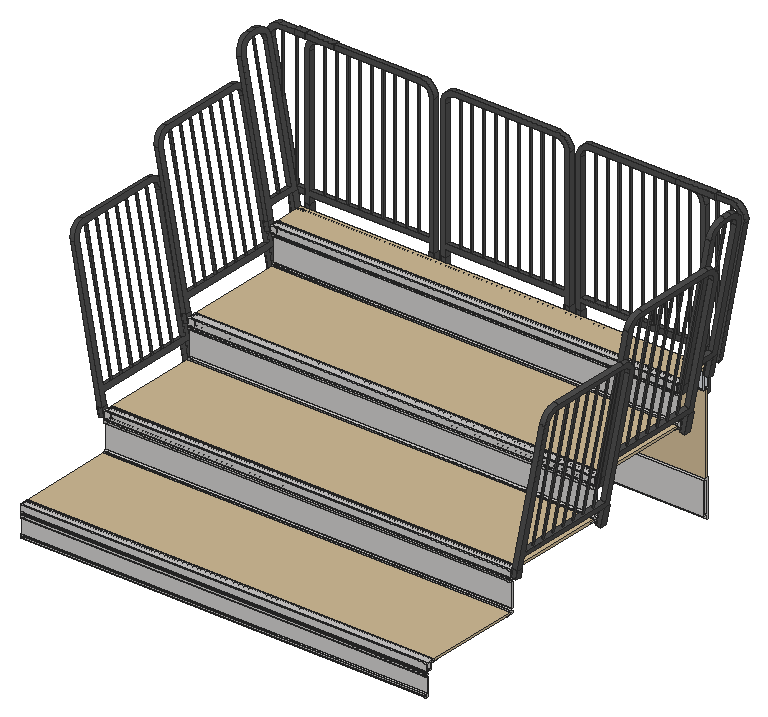
Revit family "Bleacher-Telescopic-Hussey-MAXAM_Plus-Portable-Simplified", category Specialty Equipment, Revit 2025 (continued)
Definition of nested family "Bleacher-Rear_Rail-Hussey"
  Forms (in)
    Extrusion 4, solid, detail levels medium+fine
      sketch origin (0, 0, 0) x (1, 0, 0) y (0, 1, 0)
        loop
          line (-121.625, -12.125) -> (-119.875, -12.125) -> (-119.875, -10.375) -> (-121.625, -10.375) -> (-121.625, -12.125)
      from -0.125 to 0
    Extrusion 5, solid, detail levels medium+fine
      sketch origin (0, 0, 0) x (1, 0, 0) y (0, 1, 0)
        loop
          line (-121.625, 24.125) -> (-121.625, 22.375) -> (-119.875, 22.375) -> (-119.875, 24.125) -> (-121.625, 24.125)
      from -0.125 to 0
    Extrusion 6, solid, detail levels medium+fine
      sketch origin (0, 0, 0) x (1, 0, 0) y (0, 1, 0)
        loop
          line (-121.625, 24.125) -> (-121.625, 22.375) -> (-119.875, 22.375) -> (-119.875, 24.125) -> (-121.625, 24.125)
        loop
          line (-120, 24) -> (-121.5, 24) -> (-121.5, 22.5) -> (-120, 22.5) -> (-120, 24)
      from 0 to 9.5
  Cuts and joins
    joined: Sweep 1, Extrusion 2
    joined: Extrusion 3, Extrusion 4
    joined: Extrusion 5, Extrusion 6
  Dimensions and locks (in)
    "Height": plane 4 "Top" to level
    plane 2 "Left" to plane 6 to plane 5 = 0' - 0 3/4" locked, 0' - 0 3/4" locked
    "Width": plane 3 "Front" to plane 8
    locked: plane 3 "Front" to plane 9 at 1.5
    locked: plane 7 to plane 8 at 1.5
    locked: plane 4 "Top" to plane 10 at 1.5
    locked: plane 12 to plane 11 at 1.5
    "Baluster Spacing": plane 9 to plane 13 "First Baluster"
    "Baluster Spacing": plane 14 "Last Baluster" to plane 7
    "Baluster Height": plane 10 to plane 12
    equal spacing: group 1, group 3, group 4, group 5, group 6, group 7, group 8, group 2  (x3)
    locked: plane 3 "Front" to plane 16 at 0.125
    locked: plane 15 to plane 9 at 0.125
    locked: plane 17 to plane 5 at 0.125
    locked: plane 2 "Left" to plane 18 at 0.125
    locked: plane 8 to plane 19 at 0.125
    locked: plane 20 to plane 7 at 0.125
    locked: plane 1 to plane 21 at 0.125
    equal spacing: plane 3 "Front", plane 23 "Center (Front/Back)", plane 8
    locked: plane 11 to plane 22 at 2.25
    locked: plane 22 to plane 24 "Top Deck Height" at 1.125
    aligned and locked: plane 1 to level
    aligned and locked: Sweep 1 sketch curve to plane 3 "Front"
    aligned and locked: Sweep 1 sketch curve to plane 4 "Top"
    aligned and locked: Sweep 1 sketch curve to plane 8
    aligned and locked: plane 1 to Sweep 1 sketch curve  (x2)
    aligned and locked: plane 5 to Sweep 1 sketch curve
    aligned and locked: plane 9 to Sweep 1 sketch curve
    aligned and locked: plane 2 "Left" to Sweep 1 sketch curve
    aligned and locked: plane 3 "Front" to Sweep 1 sketch curve
    aligned and locked: plane 12 to Extrusion 2 sketch curve
    aligned and locked: plane 11 to Extrusion 2 sketch curve
    aligned and locked: plane 5 to Extrusion 2 sketch curve
    aligned and locked: plane 2 "Left" to Extrusion 2 sketch curve
    aligned and locked: plane 9 to Extrusion 2
    aligned and locked: Extrusion 2 to plane 7
    aligned and locked: plane 12 to nested 1
    aligned and locked: plane 13 "First Baluster" to nested 1
    aligned and locked: nested 1 to plane 6
    aligned and locked: plane 14 "Last Baluster" to nested 2
    aligned and locked: nested 2 to plane 12
    aligned and locked: Extrusion 3 sketch curve to plane 17
    aligned and locked: Extrusion 3 sketch curve to plane 15
    aligned and locked: plane 18 to Extrusion 3 sketch curve
    aligned and locked: plane 16 to Extrusion 3 sketch curve
    aligned and locked: Extrusion 3 sketch curve to plane 2 "Left"
    aligned and locked: Extrusion 3 sketch curve to plane 5
    aligned and locked: Extrusion 3 sketch curve to plane 3 "Front"
    aligned and locked: Extrusion 3 sketch curve to plane 9
    aligned and locked: Extrusion 3 to plane 1
    aligned and locked: plane 22 to Extrusion 3
    aligned and locked: Extrusion 4 sketch curve to plane 17
    aligned and locked: plane 18 to Extrusion 4 sketch curve
    aligned and locked: Extrusion 4 sketch curve to plane 15
    aligned and locked: plane 16 to Extrusion 4 sketch curve
    aligned and locked: plane 1 to Extrusion 4
    aligned and locked: Extrusion 4 to plane 21
    aligned and locked: Extrusion 5 sketch curve to plane 19
    aligned and locked: plane 20 to Extrusion 5 sketch curve
    aligned and locked: plane 17 to Extrusion 5 sketch curve
    aligned and locked: plane 18 to Extrusion 5 sketch curve
    aligned and locked: plane 21 to Extrusion 5
    aligned and locked: plane 1 to Extrusion 5
    aligned and locked: Extrusion 6 sketch curve to plane 19
    aligned and locked: Extrusion 6 sketch curve to plane 8
    aligned and locked: Extrusion 6 sketch curve to plane 7
    aligned and locked: plane 20 to Extrusion 6 sketch curve
    aligned and locked: plane 5 to Extrusion 6 sketch curve
    aligned and locked: Extrusion 6 sketch curve to plane 2 "Left"
    aligned and locked: plane 17 to Extrusion 6 sketch curve
    aligned and locked: plane 18 to Extrusion 6 sketch curve
    aligned and locked: Extrusion 6 to plane 1
    aligned and locked: plane 22 to cut or joined group of Extrusion 5, Extrusion 6
  Automatic sketch dimensions
    Sweep 1 sketch curve to plane 13 "First Baluster" = 0' - 1 1/8"
    plane 14 "Last Baluster" to Sweep 1 sketch curve = 0' - 1 1/8"
  Nested families (in)
    nested 1: "Bleacher-End_Rail-Hussey-Baluster" at (-0.75, 5.5, 13.25), type "Bleacher-End_Rail-Hussey-Baluster"
      with Height 3' - 5 13/16"
    nested 2: "Bleacher-End_Rail-Hussey-Baluster" at (-0.75, 30.5, 13.25), type "Bleacher-End_Rail-Hussey-Baluster"
      with Height 3' - 5 13/16"
    nested 3: "Bleacher-End_Rail-Hussey-Baluster" at (-0.75, 9.07143, 13.25), type "Bleacher-End_Rail-Hussey-Baluster"
      with Height 3' - 5 13/16"
    nested 4: "Bleacher-End_Rail-Hussey-Baluster" at (-0.75, 12.64286, 13.25), type "Bleacher-End_Rail-Hussey-Baluster"
      with Height 3' - 5 13/16"
    nested 5: "Bleacher-End_Rail-Hussey-Baluster" at (-0.75, 16.21429, 13.25), type "Bleacher-End_Rail-Hussey-Baluster"
      with Height 3' - 5 13/16"
    nested 6: "Bleacher-End_Rail-Hussey-Baluster" at (-0.75, 19.78571, 13.25), type "Bleacher-End_Rail-Hussey-Baluster"
      with Height 3' - 5 13/16"
    nested 7: "Bleacher-End_Rail-Hussey-Baluster" at (-0.75, 23.35714, 13.25), type "Bleacher-End_Rail-Hussey-Baluster"
      with Height 3' - 5 13/16"
    nested 8: "Bleacher-End_Rail-Hussey-Baluster" at (-0.75, 26.92857, 13.25), type "Bleacher-End_Rail-Hussey-Baluster"
      with Height 3' - 5 13/16"
  Definition of nested family "Bleacher-End_Rail-Hussey-Baluster"
    Parameters
      URL = "http://www.husseyseating.com/"
      Model = ""
      Manufacturer = "Hussey Seating Company"  # constant formula
      Height = 3' - 3"
      Description = "Single Baluster for Bleacher End Rail"
      Default Elevation = 0' - 0"
      Created By = "Revitus"  # constant formula
      Creator URL = "http://www.revituspro.com/"
      Baluster Width = 0' - 0 3/8"
      Baluster Material = none
      Baluster Depth = 0' - 0 3/8"
      Assembly Code = ""
    Reference planes (in)
      plane 1: z = 0
      plane 2 "Center (Left/Right)": x = -120
      plane 3 "Center (Front/Back)": y = -12
      plane 4 "Top": z = 39
      plane 5 "Left": x = -120.1875
      plane 6 "Back": y = -11.8125
      plane 7 "Right": x = -119.8125
      plane 8 "Front": y = -12.1875
    Forms (in)
      Extrusion 1, solid, material <- "Baluster Material"
        sketch origin (0, 0, 0) x (1, 0, 0) y (0, 1, 0)
          loop
            line (-119.8125, -11.8125) -> (-120.1875, -11.8125) -> (-120.1875, -12.1875) -> (-119.8125, -12.1875) -> (-119.8125, -11.8125)
        from 0 to 39
    Dimensions and locks (in)
      "Height": plane 4 "Top" to level
      equal spacing: plane 5 "Left", plane 2 "Center (Left/Right)", plane 7 "Right"
      "Baluster Width": plane 5 "Left" to plane 7 "Right"
      equal spacing: plane 8 "Front", plane 3 "Center (Front/Back)", plane 6 "Back"
      "Baluster Depth": plane 8 "Front" to plane 6 "Back"
      aligned and locked: plane 1 to level
      aligned and locked: Extrusion 1 sketch curve to plane 6 "Back"
      aligned and locked: plane 7 "Right" to Extrusion 1 sketch curve
      aligned and locked: plane 8 "Front" to Extrusion 1 sketch curve
      aligned and locked: Extrusion 1 sketch curve to plane 5 "Left"
      aligned and locked: plane 4 "Top" to Extrusion 1
      aligned and locked: Extrusion 1 to level
Definition of nested family "Bleacher-Rear_Rail_Filler-Hussey"
  Parameters
    URL = "http://www.husseyseating.com/"
    Model = ""
    Manufacturer = "Hussey Seating Company"  # constant formula
    Height = 4' - 8 9/16"
    End Rail Color = none
    Description = "Rear Rail Filler at End Rail"
    Default Elevation = 0' - 0"
    Created By = "Revitus"  # constant formula
    Creator URL = "http://www.revituspro.com/"
    Baluster Height = Height - 1' 2 3/4"  # 3' - 5 13/16"
    Assembly Code = ""
  Reference planes (in)
    plane 1: z = 0
    plane 2 "Left": x = -120
    plane 3 "Front": y = -12
    plane 4 "Top": z = 56.5625
    plane 5: x = -121.5
    plane 6 "Center (Left/Right)": x = -120.75
    plane 7: y = -10.5
    plane 8: z = 55.0625
    plane 9: z = 11.75
    plane 10: z = 13.25
    plane 11: y = -10.375
    plane 12: y = -12.125
    plane 13: x = -121.625
    plane 14: x = -119.875
    plane 15: z = -0.125
    plane 16: z = 9.5
    plane 17 "Top Deck Height": z = 8.375
    plane 18: y = -24.125
    plane 19: y = -15.125
    plane 20: x = -121.625
    plane 21: x = -119.875
    plane 22: z = 56.6875
    plane 23: y = -3
    plane 24: y = -19.5
  Forms (in)
    Sweep 1, solid, material <- "End Rail Color"
      path origin (-120, 0, 0) x (0, 1, 0) y (0, 0, 1)
        loop
          line (-16.03064, 10.12437) -> (-24.04462, 51.35271)
          arc (-24.04462, 51.35271) -> (-23.12586, 54.97034) -> (-19.75, 56.5625) r 4.375
          line (-19.75, 56.5625) -> (-12, 56.5625)
      profile origin (-120, -20.03763, 30.73854) x (0, -0.981627, -0.190809) y (1, 0, 0)
        loop
          line (-1.5, -1.5) -> (0, -1.5) -> (0, 0) -> (-1.5, 0) -> (-1.5, -1.5)
    Extrusion 2, solid, material <- "End Rail Color"
      sketch origin (0, -12, 0) x (-1, 0, 0) y (0, 0, 1)
        loop
          line (121.5, 13.25) -> (120, 13.25) -> (120, 11.75) -> (121.5, 11.75) -> (121.5, 13.25)
      from -3.125 to 0
    Extrusion 3, solid, material <- "End Rail Color"
      sketch origin (0, 5, 0) x (0, 0, 1) y (1, 0, 0)
        loop
          line (56.6875, -121.625) -> (56.6875, -119.875) -> (55.0625, -119.875) -> (55.0625, -120) -> (56.5625, -120) -> (56.5625, -121.5) -> (55.0625, -121.5) -> (55.0625, -121.625) -> (56.6875, -121.625)
      from -20.125 to -8
  Lines and regions (in)
    reference lines
      curve 1: line (-120.75, -10.5, 56.5625) -> (-120.75, -19.75, 56.5625)
      curve 2: line (-120.75, -16.03064, 10.12437) -> (-120.75, -24.04462, 51.35271)
      curve 3: arc (-120.75, -24.04462, 51.35271) -> (-120.75, -23.12586, 54.97034) -> (-120.75, -19.75, 56.5625) r 4.375
  Dimensions and locks (in)
    "Height": plane 4 "Top" to level
    plane 2 "Left" to plane 6 "Center (Left/Right)" to plane 5 = 0' - 0 3/4" locked, 0' - 0 3/4" locked
    locked: plane 3 "Front" to plane 7 at 1.5
    locked: plane 4 "Top" to plane 8 at 1.5
    locked: plane 10 to plane 9 at 1.5
    "Baluster Height": plane 8 to plane 10
    locked: plane 3 "Front" to plane 12 at 0.125
    locked: plane 11 to plane 7 at 0.125
    locked: plane 13 to plane 5 at 0.125
    locked: plane 2 "Left" to plane 14 at 0.125
    locked: plane 1 to plane 15 at 0.125
    locked: plane 9 to plane 16 at 2.25
    locked: plane 16 to plane 17 "Top Deck Height" at 1.125
    locked: plane 22 to plane 4 "Top" at 0.125
    locked: plane 21 to plane 2 "Left" at 0.125
    locked: plane 20 to plane 5 at 0.125
    plane 18 to plane 19 to plane 7 to plane 23 = 0' - 9" locked, 0' - 4 5/8" locked, 0' - 7 1/2" locked
    angle plane 18 to curve 2 = 11.00°
    aligned and locked: plane 1 to level
    aligned and locked: plane 10 to Extrusion 2 sketch curve
    aligned and locked: plane 9 to Extrusion 2 sketch curve
    aligned and locked: plane 5 to Extrusion 2 sketch curve
    aligned and locked: plane 2 "Left" to Extrusion 2 sketch curve
    aligned: plane 7 to Extrusion 2
    aligned and locked: nested 1 to plane 6 "Center (Left/Right)"
    aligned and locked: Sweep 1 sketch curve to curve 2
    aligned and locked: Sweep 1 sketch curve to curve 3
    aligned and locked: curve 1 to Sweep 1 sketch curve
    aligned and locked: plane 20 to Extrusion 3 sketch curve
    aligned and locked: plane 22 to Extrusion 3 sketch curve
    aligned and locked: Extrusion 3 sketch curve to plane 21
    aligned and locked: plane 2 "Left" to Extrusion 3 sketch curve
    aligned and locked: plane 5 to Extrusion 3 sketch curve
    aligned and locked: plane 4 "Top" to Extrusion 3 sketch curve
    aligned and locked: plane 8 to Extrusion 3 sketch curve  (x2)
    aligned and locked: Extrusion 3 to plane 19
    aligned and locked: plane 23 to Extrusion 3
    aligned and locked: plane 24 to nested 1
    aligned and locked: plane 19 to nested 2
    aligned and locked: plane 3 "Front" to Extrusion 2
  Automatic sketch dimensions
    Sweep 1 sketch curve to plane 2 "Left" = 0' - 0"
    Sweep 1 sketch curve to profile plane = 0' - 0"
    Sweep 1 sketch curve to Sweep 1 sketch curve = 0' - 1 1/2"
    Sweep 1 sketch curve to plane 2 "Left" = 0' - 1 1/2"
    plane 4 "Top" to curve 1 = 0' - 0"
    curve 1 to plane 7 = 0' - 0"
    curve 3 to plane 8 = 0' - 2 7/8"
    plane 18 to curve 3 = 0' - 0.08038"
    curve 3 to plane 8 = 0' - 3.70979"
    Sweep 1 sketch curve to plane 3 "Front" = 0' - 0"
    plane 18 to Sweep 1 sketch curve = 0' - 0.08038"
    plane 16 to Sweep 1 sketch curve = 0' - 0.62437"
  Nested families (in)
    nested 1: "Bleacher-End_Rail-Hussey-Baluster" at (-0.75, -7.5, 36.5625), type "Bleacher-Rear_Rail_Filler-Hussey-Baluster"
      with Height 1' - 6 1/2"
    nested 2: "Bleacher-End_Rail-Hussey-Baluster" at (-0.75, -3.125, 13.25), type "Bleacher-End_Rail-Hussey-Baluster"
      with Height 3' - 5 13/16"
  Definition of nested family "Bleacher-End_Rail-Hussey-Baluster"
    Parameters
      URL = "http://www.husseyseating.com/"
      Model = ""
      Manufacturer = "Hussey Seating Company"  # constant formula
      Height = 3' - 3"
      Description = "Single Baluster for Bleacher End Rail"
      Default Elevation = 0' - 0"
      Created By = "Revitus"  # constant formula
      Creator URL = "http://www.revituspro.com/"
      Baluster Width = 0' - 0 3/8"
      Baluster Material = none
      Baluster Depth = 0' - 0 3/8"
      Assembly Code = ""
    Reference planes (in)
      plane 1: z = 0
      plane 2 "Center (Left/Right)": x = -120
      plane 3 "Center (Front/Back)": y = -12
      plane 4 "Top": z = 39
      plane 5 "Left": x = -120.1875
      plane 6 "Back": y = -11.8125
      plane 7 "Right": x = -119.8125
      plane 8 "Front": y = -12.1875
    Forms (in)
      Extrusion 1, solid, material <- "Baluster Material"
        sketch origin (0, 0, 0) x (1, 0, 0) y (0, 1, 0)
          loop
            line (-119.8125, -11.8125) -> (-120.1875, -11.8125) -> (-120.1875, -12.1875) -> (-119.8125, -12.1875) -> (-119.8125, -11.8125)
        from 0 to 39
    Dimensions and locks (in)
      "Height": plane 4 "Top" to level
      equal spacing: plane 5 "Left", plane 2 "Center (Left/Right)", plane 7 "Right"
      "Baluster Width": plane 5 "Left" to plane 7 "Right"
      equal spacing: plane 8 "Front", plane 3 "Center (Front/Back)", plane 6 "Back"
      "Baluster Depth": plane 8 "Front" to plane 6 "Back"
      aligned and locked: plane 1 to level
      aligned and locked: Extrusion 1 sketch curve to plane 6 "Back"
      aligned and locked: plane 7 "Right" to Extrusion 1 sketch curve
      aligned and locked: plane 8 "Front" to Extrusion 1 sketch curve
      aligned and locked: Extrusion 1 sketch curve to plane 5 "Left"
      aligned and locked: plane 4 "Top" to Extrusion 1
      aligned and locked: Extrusion 1 to level
Definition of nested family "Bleacher Seat"
  Parameters
    URL = "http://www.husseyseating.com/"
    Show XC12 = no
    Show XC10 = yes
    Show Metro Chair = no
    Show Classic Wood Seat = no
    Seat Color = none
    Model = "CourtSide XC10"
    Manufacturer = "Hussey Seating Company"  # constant formula
    Default Elevation = 0' - 0"
    Created By = "Revitus"  # constant formula
    Creator URL = "http://www.revituspro.com/"
    Bank Length [instance] = 18' - 0"
    Assembly Code = ""
  Reference planes (in)
    plane 1: z = 0
    plane 2 "Center (Left/Right)": x = -12
    plane 3 "Left": x = -120
    plane 4 "Right": x = 96
    plane 5 "Front": y = -12
    plane 6 "Host Level Offset Bottom": z = -8
    plane 7 "Host Level Offset Top": z = 8
  Forms (in)
    Extrusion 1, solid, material <- "Seat Color", visible <- "Show XC10"
      sketch origin (-12, 0, 0) x (0, 1, 0) y (0, 0, 1)
        loop
          line (-11.8125, 0) -> (-6.27222, 0) -> (-6.97372, 2.36822)
          arc (-6.97372, 2.36822) -> (-6.9994, 2.46728) -> (-7.01998, 2.56753) r 2
          arc (-7.01998, 2.56753) -> (-6.96581, 3.00687) -> (-6.67332, 3.33914) r 0.75
          line (-6.67332, 3.33914) -> (-4.24513, 4.82586)
          arc (-4.24513, 4.82586) -> (-3.94252, 4.96751) -> (-3.61606, 5.03866) r 1.5
          arc (-3.61606, 5.03866) -> (-3.47664, 5.05337) -> (-3.33728, 5.06869) r 32.21588
          arc (-3.33728, 5.06869) -> (-3.31572, 5.08178) -> (-3.31176, 5.10668) r 0.03
          line (-3.31176, 5.10668) -> (-3.46714, 5.64853)
          arc (-3.46714, 5.64853) -> (-3.46045, 5.70866) -> (-3.41358, 5.74692) r 0.08
          arc (-3.41358, 5.74692) -> (-3.28838, 5.81194) -> (-3.23332, 5.94182) r 0.2083
          line (-3.23332, 5.94182) -> (-3.23332, 6.00281)
          arc (-3.23332, 6.00281) -> (-3.33303, 6.22615) -> (-3.56588, 6.30102) r 0.29999
          arc (-3.56588, 6.30102) -> (-7.6105, 6.12553) -> (-11.64345, 6.47919) r 30.96588
          arc (-11.64345, 6.47919) -> (-11.88356, 6.484) -> (-12.11945, 6.43895) r 1.1526
          arc (-12.11945, 6.43895) -> (-12.59256, 6.21492) -> (-12.97892, 5.86171) r 1.76109
          arc (-12.97892, 5.86171) -> (-13.19235, 5.56913) -> (-13.23339, 5.20932) r 0.7088
          arc (-13.23339, 5.20932) -> (-13.02864, 1.37672) -> (-12.60147, -2.4375) r 66
          line (-12.60147, -2.4375) -> (-12, -2.4375) -> (-12, -0.1875)
          arc (-12, -0.1875) -> (-11.94508, -0.05492) -> (-11.8125, 0) r 0.1875
      from -108 to 108
    Extrusion 2, solid, material <- "Seat Color", visible <- "Show Classic Wood Seat"
      sketch origin (0, 0, 0) x (0, 1, 0) y (0, 0, 1)
        loop
          line (-12, 5.4375) -> (-12.75, 5.4375) -> (-12.75, -2.22535)
          arc (-12.75, -2.22535) -> (-12.375, -2.4375) -> (-12, -2.22535) r 0.4375
          line (-12, -2.22535) -> (-12, 5.4375)
        loop
          line (-4.18696, 6.02394) -> (-12.75906, 6.27231)
          arc (-12.75906, 6.27231) -> (-12.98199, 5.90361) -> (-12.78078, 5.52262) r 0.4375
          line (-12.78078, 5.52262) -> (-4.20869, 5.27426)
          arc (-4.20869, 5.27426) -> (-3.98576, 5.64296) -> (-4.18696, 6.02394) r 0.4375
      from -120 to 96
    Extrusion 3, solid, material <- "Seat Color", visible <- "Show XC12"
      sketch origin (0, 0, 0) x (0, 1, 0) y (0, 0, 1)
        loop
          line (-11.8125, 0) -> (-4.66697, 0) -> (-5.65002, 3.11784) -> (-1.62017, 5.26175)
          arc (-1.62017, 5.26175) -> (-1.56901, 5.25756) -> (-1.51779, 5.26091) r 0.35
          arc (-1.51779, 5.26091) -> (-1.38738, 5.32486) -> (-1.33463, 5.4602) r 0.2
          line (-1.33463, 5.4602) -> (-1.33463, 5.72823)
          arc (-1.33463, 5.72823) -> (-1.45521, 6.05387) -> (-1.75878, 6.22245) r 0.5
          line (-1.75878, 6.22245) -> (-3.66896, 6.46462) -> (-5.71322, 6.46637)
          arc (-5.71322, 6.46637) -> (-8.17496, 6.47218) -> (-10.63266, 6.61324) r 44.78937
          arc (-10.63266, 6.61324) -> (-11.73081, 6.45288) -> (-12.59544, 5.75714) r 2.10864
          line (-12.59544, 5.75714) -> (-13.21576, 4.92083)
          arc (-13.21576, 4.92083) -> (-13.3805, 4.53599) -> (-13.43565, 4.12101) r 1.54192
          arc (-13.43565, 4.12101) -> (-13.30757, 0.72964) -> (-12.72588, -2.61393) r 25.25144
          line (-12.72588, -2.61393) -> (-12, -2.61395) -> (-12, -0.1875)
          arc (-12, -0.1875) -> (-11.94508, -0.05492) -> (-11.8125, 0) r 0.1875
      from -120 to 96
    Extrusion 4, solid, visible <- "Show Classic Wood Seat"
      sketch origin (0, 0, 0) x (0, 1, 0) y (0, 0, 1)
        loop
          line (-11.63037, 0) -> (-7, 0) -> (-7, 0.1196) -> (-7.86588, 0.1196) -> (-11.6304, 0.1196)
          arc (-11.6304, 0.1196) -> (-11.80718, 0.19282) -> (-11.8804, 0.3696) r 0.25
          line (-11.8804, 0.3696) -> (-11.8804, 0.5) -> (-11.8804, 4.25) -> (-11.8804, 4.375) -> (-11.8804, 5.11954)
          arc (-11.8804, 5.11954) -> (-11.8046, 5.29885) -> (-11.62316, 5.36943) r 0.25
          line (-11.62316, 5.36943) -> (-6.24255, 5.21354) -> (-4.38166, 5.15962) -> (-4.25671, 5.156) -> (-4.25325, 5.27555) -> (-11.6197, 5.48898)
          arc (-11.6197, 5.48898) -> (-11.88793, 5.38464) -> (-12, 5.11954) r 0.3696
          line (-12, 5.11954) -> (-12, 0.375)
          arc (-12, 0.375) -> (-11.89364, 0.11017) -> (-11.63037, 0) r 0.36967
      from -120 to 96
  Lines and regions (in)
    model lines, visible <- "Show Metro Chair"
      curve 1: line (-120, -12, 0) -> (96, -12, 0)
      curve 2: line (-12, -12, 0) -> (-12, -11, 0)
  Dimensions and locks (in)
    "Bank Length": plane 3 "Left" to plane 4 "Right"
    equal spacing: plane 3 "Left", plane 2 "Center (Left/Right)", plane 4 "Right"
    aligned and locked: plane 1 to level
    aligned and locked: Extrusion 1 sketch curve to level
    aligned and locked: Extrusion 1 sketch curve to plane 5 "Front"
    aligned and locked: Extrusion 1 to plane 3 "Left"
    aligned and locked: Extrusion 1 to plane 4 "Right"
    aligned and locked: Extrusion 2 to plane 3 "Left"
    aligned and locked: Extrusion 2 to plane 4 "Right"
    aligned and locked: Extrusion 3 to plane 3 "Left"
    aligned and locked: Extrusion 3 to plane 4 "Right"
    aligned and locked: Extrusion 4 to plane 4 "Right"
    aligned and locked: Extrusion 4 to plane 3 "Left"
    aligned and locked: curve 1 to plane 5 "Front"
    aligned and locked: curve 2 to level
  Automatic sketch dimensions
    Extrusion 1 sketch curve to Extrusion 1 sketch curve = 0' - 0"  (x7)
    Extrusion 1 sketch curve to plane 5 "Front" = 0' - 0.11945"
    Extrusion 1 sketch curve to plane 5 "Front" = 0' - 0.532"
    Extrusion 1 sketch curve to Extrusion 1 sketch curve = 0' - 0.60147"
    Extrusion 1 sketch curve to Extrusion 1 sketch curve = 0' - 0.44692"
    Extrusion 1 sketch curve to Extrusion 1 sketch curve = 0' - 0.25447"
    plane 5 "Front" to Extrusion 1 sketch curve = 0' - 0 3/16"
    plane 5 "Front" to Extrusion 1 sketch curve = 0' - 0.21354"
    plane 5 "Front" to Extrusion 1 sketch curve = 0' - 0.35655"
    plane 5 "Front" to Extrusion 1 sketch curve = 0' - 0.38933"
    level to Extrusion 1 sketch curve = 0' - 2.56753"
    plane 5 "Front" to Extrusion 1 sketch curve = 0' - 4.98002"
    level to Extrusion 1 sketch curve = 0' - 2.36822"
    Extrusion 1 sketch curve to Extrusion 1 sketch curve = 0' - 0.04626"
    plane 5 "Front" to Extrusion 1 sketch curve = 0' - 5.07235"
    Extrusion 1 sketch curve to Extrusion 1 sketch curve = 0' - 0.34667"
    Extrusion 1 sketch curve to Extrusion 1 sketch curve = 0' - 0 189/256"
    Extrusion 1 sketch curve to Extrusion 1 sketch curve = 0' - 0.7015"
    Extrusion 1 sketch curve to Extrusion 1 sketch curve = 0' - 1.23049"
    plane 7 "Host Level Offset Top" to Extrusion 1 sketch curve = 0' - 3.17414"
    Extrusion 1 sketch curve to Extrusion 1 sketch curve = 0' - 0.80607"
    Extrusion 1 sketch curve to Extrusion 1 sketch curve = 0' - 0.62907"
    Extrusion 1 sketch curve to Extrusion 1 sketch curve = 0' - 0.05018"
    Extrusion 1 sketch curve to Extrusion 1 sketch curve = 0' - 0.03257"
    Extrusion 1 sketch curve to Extrusion 1 sketch curve = 0' - 0.06618"
    Extrusion 1 sketch curve to Extrusion 1 sketch curve = 0' - 0.78326"
    Extrusion 1 sketch curve to Extrusion 1 sketch curve = 0' - 0.09201"
    Extrusion 1 sketch curve to Extrusion 1 sketch curve = 0' - 0.05356"
    Extrusion 1 sketch curve to Extrusion 1 sketch curve = 0' - 0.02339"
    Extrusion 1 sketch curve to Extrusion 1 sketch curve = 0' - 0.27543"
    Extrusion 1 sketch curve to Extrusion 1 sketch curve = 0' - 0.00334"
    plane 7 "Host Level Offset Top" to Extrusion 1 sketch curve = 0' - 2.89332"
    Extrusion 1 sketch curve to Extrusion 1 sketch curve = 0' - 0.02886"
    Extrusion 1 sketch curve to Extrusion 1 sketch curve = 0' - 0.20798"
    plane 7 "Host Level Offset Top" to Extrusion 1 sketch curve = 0' - 1.18769"
    Extrusion 1 sketch curve to Extrusion 1 sketch curve = 4' - 7 251/256"
    Extrusion 1 sketch curve to Extrusion 1 sketch curve = 0' - 2 1/4"
    Extrusion 1 sketch curve to Extrusion 1 sketch curve = 0' - 0.45636"
    Extrusion 1 sketch curve to Extrusion 1 sketch curve = 0' - 0.35428"
    Extrusion 1 sketch curve to Extrusion 1 sketch curve = 0' - 0.02189"
    Extrusion 1 sketch curve to Extrusion 1 sketch curve = 0' - 0.06098"
    Extrusion 2 sketch curve to plane 5 "Front" = 0' - 0"
    Extrusion 2 sketch curve to plane 5 "Front" = 0' - 0 3/8"
    Extrusion 2 sketch curve to plane 5 "Front" = 0' - 0.54467"
    Extrusion 2 sketch curve to Extrusion 2 sketch curve = 0' - 0 3/8"
    Extrusion 2 sketch curve to Extrusion 2 sketch curve = 0' - 0.21439"  (x2)
    Extrusion 2 sketch curve to Extrusion 2 sketch curve = 0' - 0.03078"
    plane 7 "Host Level Offset Top" to Extrusion 2 sketch curve = 0' - 2.34437"
    plane 5 "Front" to Extrusion 2 sketch curve = 0' - 7.57692"
    plane 7 "Host Level Offset Top" to Extrusion 2 sketch curve = 0' - 2.72574"
    plane 7 "Host Level Offset Top" to Extrusion 2 sketch curve = 0' - 1.97606"
    Extrusion 2 sketch curve to level = 0' - 2"
    Extrusion 2 sketch curve to Extrusion 2 sketch curve = 0' - 0.22535"
    plane 7 "Host Level Offset Top" to Extrusion 2 sketch curve = 0' - 2 9/16"
    Extrusion 2 sketch curve to Extrusion 2 sketch curve = 0' - 0.08512"
    Extrusion 2 sketch curve to Extrusion 2 sketch curve = 0' - 0.36832"
    Extrusion 3 sketch curve to plane 5 "Front" = 0' - 0"
    Extrusion 3 sketch curve to level = 0' - 0"
    Extrusion 3 sketch curve to plane 5 "Front" = 0' - 0.59544"
    Extrusion 3 sketch curve to plane 5 "Front" = 0' - 0.72588"
    Extrusion 3 sketch curve to Extrusion 3 sketch curve = 0' - 0.62031"
    Extrusion 3 sketch curve to Extrusion 3 sketch curve = 0' - 0.21989"
    plane 5 "Front" to Extrusion 3 sketch curve = 0' - 0.10626"
    Extrusion 3 sketch curve to Extrusion 3 sketch curve = 0' - 0 3/16"
    Extrusion 3 sketch curve to Extrusion 3 sketch curve = 0' - 1.00595"
    plane 5 "Front" to Extrusion 3 sketch curve = 0' - 1.36734"
    plane 5 "Front" to Extrusion 3 sketch curve = 0' - 5.16161"
    plane 7 "Host Level Offset Top" to Extrusion 3 sketch curve = 0' - 1.53363"
    Extrusion 3 sketch curve to Extrusion 3 sketch curve = 0' - 4.91945"
    level to Extrusion 3 sketch curve = 0' - 3.11784"
    Extrusion 3 sketch curve to Extrusion 3 sketch curve = 0' - 0.06319"
    Extrusion 3 sketch curve to Extrusion 3 sketch curve = 0' - 0.98305"
    plane 7 "Host Level Offset Top" to Extrusion 3 sketch curve = 0' - 1.53538"
    Extrusion 3 sketch curve to Extrusion 3 sketch curve = 0' - 2.04426"
    Extrusion 3 sketch curve to Extrusion 3 sketch curve = 0' - 1.83433"
    Extrusion 3 sketch curve to Extrusion 3 sketch curve = 0' - 0.07585"
    Extrusion 3 sketch curve to Extrusion 3 sketch curve = 0' - 0.21445"
    Extrusion 3 sketch curve to Extrusion 3 sketch curve = 0' - 0.26849"
    Extrusion 3 sketch curve to Extrusion 3 sketch curve = 0' - 0.03151"
    Extrusion 3 sketch curve to Extrusion 3 sketch curve = 0' - 0.10238"
    Extrusion 3 sketch curve to Extrusion 3 sketch curve = 0' - 0.2"
    Extrusion 3 sketch curve to Extrusion 3 sketch curve = 0' - 0.23151"
    level to Extrusion 3 sketch curve = 0' - 3.37615"
    Extrusion 3 sketch curve to Extrusion 3 sketch curve = 1' - 1.13943"
    Extrusion 3 sketch curve to Extrusion 3 sketch curve = 0' - 2.42643"
    Extrusion 3 sketch curve to Extrusion 3 sketch curve = 0' - 0"  (x2)
    Extrusion 3 sketch curve to Extrusion 3 sketch curve = 0' - 0.00623"
    Extrusion 3 sketch curve to Extrusion 3 sketch curve = 0' - 0.39285"
    Extrusion 3 sketch curve to Extrusion 3 sketch curve = 0' - 1.20371"
    Extrusion 3 sketch curve to Extrusion 3 sketch curve = 0' - 0.00084"
    Extrusion 3 sketch curve to Extrusion 3 sketch curve = 0' - 0.12068"
    Extrusion 3 sketch curve to Extrusion 3 sketch curve = 0' - 0.83631"
    Extrusion 4 sketch curve to Extrusion 4 sketch curve = 0' - 0"  (x2)
    Extrusion 4 sketch curve to level = 0' - 0"
    plane 5 "Front" to Extrusion 4 sketch curve = 0' - 0"
    plane 5 "Front" to Extrusion 4 sketch curve = 0' - 0.1196"
    level to Extrusion 4 sketch curve = 0' - 0.1196"
    Extrusion 4 sketch curve to Extrusion 4 sketch curve = 0' - 0 1/4"  (x2)
    Extrusion 4 sketch curve to Extrusion 4 sketch curve = 0' - 0.00003"
    Extrusion 4 sketch curve to Extrusion 4 sketch curve = 0' - 0.00724"
    Extrusion 4 sketch curve to Extrusion 4 sketch curve = 0' - 0.00346"
    Extrusion 4 sketch curve to Extrusion 4 sketch curve = 0' - 3.76452"
    Extrusion 4 sketch curve to Extrusion 4 sketch curve = 0' - 0.86588"
    plane 7 "Host Level Offset Top" to Extrusion 4 sketch curve = 0' - 2.78646"
    Extrusion 4 sketch curve to Extrusion 4 sketch curve = 0' - 0.75745"
    plane 7 "Host Level Offset Top" to Extrusion 4 sketch curve = 0' - 2.84038"
    Extrusion 4 sketch curve to Extrusion 4 sketch curve = 0' - 1.86089"
    plane 7 "Host Level Offset Top" to Extrusion 4 sketch curve = 0' - 2.844"
    Extrusion 4 sketch curve to Extrusion 4 sketch curve = 0' - 0.12495"
    plane 7 "Host Level Offset Top" to Extrusion 4 sketch curve = 0' - 2.72445"
    Extrusion 4 sketch curve to Extrusion 4 sketch curve = 0' - 0.00007"
    Extrusion 4 sketch curve to Extrusion 4 sketch curve = 0' - 0.1304"
    Extrusion 4 sketch curve to Extrusion 4 sketch curve = 0' - 0.86954"
    Extrusion 4 sketch curve to Extrusion 4 sketch curve = 0' - 0 1/8"
    curve 1 to plane 3 "Left" = 0' - 0"
    curve 1 to plane 4 "Right" = 0' - 0"
    plane 5 "Front" to curve 2 = 0' - 0"
    plane 5 "Front" to curve 2 = 0' - 1"
Definition of nested family "Metro Chair-Single Row Array-Simplified"
  Parameters
    URL = "http://www.husseyseating.com/"
    Stanchion Color = none
    Show Metro Chair = yes
    Show Cup Holders = yes
    Show Arms = yes
    Seats Upright [instance] = yes
    Seats Folded Flat [instance] = no
    Seat Width = 1' - 9"
    Seat Down = yes
    Seat Color = none
    Number of Seats per Row = 5
    Model = "Metro Chair"
    Manufacturer = "Hussey Seating Company"  # constant formula
    Description = "Metro Chair - Single Row Array"
    Default Elevation = 0' - 0"
    Creator URL = "http://www.revituspro.com/"
    Created By = "Revitus"  # constant formula
    Copyright Notice = "© Hussey Seating Co.  All Rights Reserved."  # constant formula
    Chair Array Width to First and Last Centers = 7' - 0"
    BIM Version = "v1.2"  # constant formula
    Assembly Code = ""
  Reference planes (in)
    plane 1 "Center (Front/Back)": y = 0
    plane 2: z = 0
    plane 3 "Center (Left/Right)": x = 0
    plane 4 "First Chair - Center (Left/Right": x = -42
    plane 5 "Last Chair - Center (Left/Right)": x = 42
  Dimensions and locks (in)
    equal spacing: plane 4 "First Chair - Center (Left/Right", plane 3 "Center (Left/Right)", plane 5 "Last Chair - Center (Left/Right)"
    "Chair Array Width to First and Last Centers": plane 4 "First Chair - Center (Left/Right" to plane 5 "Last Chair - Center (Left/Right)"
    equal spacing: group 1, group 3, group 4, group 5, group 2  (x3)
    equal spacing: group 6, group 8, group 9, group 10, group 7  (x3)
    aligned and locked: level to plane 2
    aligned and locked: plane 4 "First Chair - Center (Left/Right" to nested 1
    aligned and locked: nested 1 to plane 1 "Center (Front/Back)"
    aligned and locked: level to nested 1
    aligned and locked: level to nested 2
    aligned and locked: nested 2 to plane 5 "Last Chair - Center (Left/Right)"
    aligned and locked: nested 6 to plane 4 "First Chair - Center (Left/Right"
    aligned and locked: nested 6 to plane 1 "Center (Front/Back)"
    aligned and locked: level to nested 6
    aligned and locked: level to nested 7
    aligned and locked: nested 7 to plane 1 "Center (Front/Back)"
    aligned and locked: nested 7 to plane 5 "Last Chair - Center (Left/Right)"
  Nested families (in)
    nested 1: "Metro Chair-Simplified" at (67.5, 10.625, 0), visible <- "Seats Upright", type "Metro Chair"
    nested 2: "Metro Chair-Simplified" at (151.5, 10.625, 0), visible <- "Seats Upright", type "Metro Chair"
    nested 3: "Metro Chair-Simplified" at (88.5, 10.625, 0), visible <- "Seats Upright", type "Metro Chair"
    nested 4: "Metro Chair-Simplified" at (109.5, 10.625, 0), visible <- "Seats Upright", type "Metro Chair"
    nested 5: "Metro Chair-Simplified" at (130.5, 10.625, 0), visible <- "Seats Upright", type "Metro Chair"
    nested 6: "Metro Chair-Folded-Simplified" at (67.5, 10.625, 0), visible <- "Seats Folded Flat", type "Metro Chair"
    nested 7: "Metro Chair-Folded-Simplified" at (151.5, 10.625, 0), visible <- "Seats Folded Flat", type "Metro Chair"
    nested 8: "Metro Chair-Folded-Simplified" at (88.5, 10.625, 0), visible <- "Seats Folded Flat", type "Metro Chair"
    nested 9: "Metro Chair-Folded-Simplified" at (109.5, 10.625, 0), visible <- "Seats Folded Flat", type "Metro Chair"
    nested 10: "Metro Chair-Folded-Simplified" at (130.5, 10.625, 0), visible <- "Seats Folded Flat", type "Metro Chair"
  Definition of nested family "Metro Chair-Simplified"
    Parameters
      URL = "http://www.husseyseating.com/"
      Stanchion Color = none
      Show Metro Chair = yes
      Show Cup Holders = yes
      Show Arms = yes
      Seat Width = 1' - 9"
      Seat Up = not(Seat Down)  # no
      Seat Down = yes
      Seat Color = none
      Seat Back Color = none
      No Arms = not(Show Arms)  # no
      Model = "Metro Chair"
      Manufacturer = "Hussey Seating Company"  # constant formula
      Default Elevation = 0' - 0"
      Created By = "Revitus"  # constant formula
      Creator URL = "http://www.revituspro.com/"
      Assembly Code = ""
    Reference planes (in)
      plane 1: z = 0
      plane 2 "Center (Left/Right)": x = -109.5
      plane 3 "Left": x = -120
      plane 4 "Right": x = -99
      plane 5 "Front": y = -12
      plane 6 "Host Level Offset Bottom": z = -8
      plane 7 "Host Level Offset Top": z = 8
      plane 8: x = -100.1875
      plane 9: x = -97.8125
      plane 10: x = -118.8125
      plane 11: x = -121.1875
      plane 12 "Seat - Right": x = -101
      plane 13 "Seat - Left": x = -118
      plane 14 "Attachment to Riser": y = -10.625
      plane 15: x = -98.0625
      plane 16: x = -99.9375
      plane 17: x = -120.9375
      plane 18: x = -119.0625
      plane 19: x = -99.5
      plane 20: x = -98.5
      plane 21: x = -119.5
      plane 22: x = -120.5
      plane 23: x = -102.5
      plane 24: x = -116.5
      plane 25 "15 Degree Armrest Angle": through (0, -22.9571, 24.76278) normal (0, 0.2588, 0.9659)
      plane 26 "2D Armrest - Back": y = -13.36174
      plane 27 "2D Armrest - Front": y = -23.61174
    Lines and regions (in)
      Masking region 1, visible <- "Show Arms"
        outline origin (0, 0, 8) x (0, -1, 0) y (1, 0, 0)
          loop
            arc (23.61174, -119.8125) -> (23.31885, -119.10539) -> (22.61174, -118.8125) r 1
            line (22.61174, -118.8125) -> (14.36174, -118.8125)
            arc (14.36174, -118.8125) -> (13.65463, -119.10539) -> (13.36174, -119.8125) r 1
            line (13.36174, -119.8125) -> (13.36174, -120.1875)
            arc (13.36174, -120.1875) -> (13.65463, -120.89461) -> (14.36174, -121.1875) r 1
            line (14.36174, -121.1875) -> (22.61174, -121.1875)
            arc (22.61174, -121.1875) -> (23.31885, -120.89461) -> (23.61174, -120.1875) r 1
            line (23.61174, -120.1875) -> (23.61174, -119.8125)
      Masking region 2, visible <- "Show Arms"
        outline origin (0, 0, 8) x (0, -1, 0) y (1, 0, 0)
          loop
            line (13.36174, -98.8125) -> (13.36174, -99.1875)
            arc (13.36174, -99.1875) -> (13.65463, -99.89461) -> (14.36174, -100.1875) r 1
            line (14.36174, -100.1875) -> (22.61174, -100.1875)
            arc (22.61174, -100.1875) -> (23.31885, -99.89461) -> (23.61174, -99.1875) r 1
            line (23.61174, -99.1875) -> (23.61174, -98.8125)
            arc (23.61174, -98.8125) -> (23.31885, -98.10539) -> (22.61174, -97.8125) r 1
            line (22.61174, -97.8125) -> (14.36174, -97.8125)
            arc (14.36174, -97.8125) -> (13.65463, -98.10539) -> (13.36174, -98.8125) r 1
      model lines, visible <- "Show Metro Chair"
        curve 1: line (-120, -6.06648, 0) -> (-99, -6.06648, 0)
      model lines, visible <- "Show Arms"
        curve 2: arc (-109.5, -12.93199, 22.31204) -> (-109.5, -17.91879, 23.62247) -> (-109.5, -22.94554, 24.77016) r 158.64805
        curve 3: arc (-109.5, -22.37002, 25.09023) -> (-109.5, -17.7833, 24.03514) -> (-109.5, -13.22978, 22.84491) r 159.18456
        curve 4: arc (-109.5, -13.22978, 22.84491) -> (-109.5, -13.03879, 22.7249) -> (-109.5, -12.94502, 22.51976) r 0.3937
        curve 5: arc (-109.5, -12.94502, 22.51976) -> (-109.5, -12.93458, 22.41615) -> (-109.5, -12.93199, 22.31204) r 1.37795
        curve 16: line (-109.5, -13.29951, 21.74614) -> (-109.5, -13.29666, 21.80801)
        curve 17: line (-109.5, -13.29666, 21.80801) -> (-109.5, -13.29017, 21.8696)
        curve 18: line (-109.5, -13.29017, 21.8696) -> (-109.5, -13.14, 21.8343)
        curve 19: line (-109.5, -13.14, 21.8343) -> (-109.5, -13.04502, 21.81538)
        curve 20: line (-109.5, -13.04502, 21.81538) -> (-109.5, -12.97022, 22.12073)
        curve 21: line (-109.5, -12.97022, 22.12073) -> (-109.5, -12.93287, 22.27158)
        curve 22: arc (-109.5, -12.93287, 22.27158) -> (-109.5, -17.93315, 23.58564) -> (-109.5, -22.9736, 24.73603) r 158.60663
        curve 23: line (-109.5, -22.57772, 23.71218) -> (-109.5, -20.56109, 23.23169)
        curve 24: arc (-109.5, -20.56109, 23.23169) -> (-109.5, -19.756, 22.93732) -> (-109.5, -19.0337, 22.47568) r 3.93701
        curve 25: line (-109.5, -19.0337, 22.47568) -> (-109.5, -16.06774, 20.08808)
        curve 26: line (-109.5, -16.06774, 20.08808) -> (-109.5, -15.76571, 19.84516)
        curve 27: line (-109.5, -15.76571, 19.84516) -> (-109.5, -15.46348, 19.60249)
        curve 28: line (-109.5, -15.46348, 19.60249) -> (-109.5, -15.16106, 19.36006)
        curve 29: line (-109.5, -15.16106, 19.36006) -> (-109.5, -14.94871, 19.22004)
        curve 30: line (-109.5, -14.94871, 19.22004) -> (-109.5, -14.71428, 19.12134)
        curve 31: line (-109.5, -14.71428, 19.12134) -> (-109.5, -14.46574, 19.06726)
        curve 32: line (-109.5, -14.46574, 19.06726) -> (-109.5, -14.21149, 19.05962)
        curve 33: line (-109.5, -14.21149, 19.05962) -> (-109.5, -13.96015, 19.0987)
        curve 34: line (-109.5, -13.96015, 19.0987) -> (-109.5, -13.72025, 19.18322)
        curve 35: line (-109.5, -13.72025, 19.18322) -> (-109.5, -13.49997, 19.3104)
        curve 36: line (-109.5, -13.49997, 19.3104) -> (-109.5, -13.30687, 19.47596)
        curve 37: line (-109.5, -13.30687, 19.47596) -> (-109.5, -13.14763, 19.6743)
        curve 40: line (-109.5, -22.88048, 24.7564) -> (-109.5, -22.88986, 24.71832)
        curve 41: line (-109.5, -12.96185, 22.32041) -> (-109.5, -12.97122, 22.28232)
        curve 42: arc (-109.5, -14.49711, 21.26241) -> (-109.5, -17.49336, 22.35709) -> (-109.5, -20.56109, 23.23169) r 43.97444
        curve 74: arc (-109.5, -22.93674, 24.06313) -> (-109.5, -22.80288, 23.83785) -> (-109.5, -22.57346, 23.71122) r 0.49999
        curve 76: arc (-109.5, -22.94554, 24.77016) -> (-109.5, -22.71792, 25.03832) -> (-109.5, -22.37002, 25.09023) r 0.5
        curve 136: arc (-109.5, -22.9736, 24.73603) -> (-109.5, -22.99169, 24.39758) -> (-109.5, -22.93674, 24.06313) r 1.57047
      model lines
        curve 6: line (-109.5, -12.92896, 20.58832) -> (-109.5, -12.98608, 20.91325)
        curve 7: line (-109.5, -12.98608, 20.91325) -> (-109.5, -13.00733, 21.01042)
        curve 8: line (-109.5, -13.00733, 21.01042) -> (-109.5, -13.03027, 21.11532)
        curve 9: line (-109.5, -13.03027, 21.11532) -> (-109.5, -13.05272, 21.22032)
        curve 10: line (-109.5, -13.05272, 21.22032) -> (-109.5, -13.07262, 21.31676)
        curve 11: line (-109.5, -13.07262, 21.31676) -> (-109.5, -13.09153, 21.41339)
        curve 12: line (-109.5, -13.09153, 21.41339) -> (-109.5, -13.10881, 21.51033)
        curve 13: line (-109.5, -13.10881, 21.51033) -> (-109.5, -13.12358, 21.60769)
        curve 14: line (-109.5, -13.12358, 21.60769) -> (-109.5, -13.13462, 21.70554)
        curve 15: line (-109.5, -13.13462, 21.70554) -> (-109.5, -13.29951, 21.74614)
        curve 38: line (-109.5, -13.14763, 19.6743) -> (-109.5, -13.02775, 19.89864)
        curve 39: arc (-109.5, -13.02775, 19.89864) -> (-109.5, -12.93462, 20.23323) -> (-109.5, -12.92811, 20.58048) r 1.37795
        curve 52: line (-109.5, -15.73292, 10.52078) -> (-109.5, -15.02747, 10.84974)
        curve 53: arc (-109.5, -15.02747, 10.84974) -> (-109.5, -14.9276, 10.92325) -> (-109.5, -14.86384, 11.0296) r 0.31496
        curve 54: line (-109.5, -14.86384, 11.0296) -> (-109.5, -14.60286, 12.00086)
        curve 55: line (-109.5, -14.60286, 12.00086) -> (-109.5, -14.49097, 13.00051)
        curve 56: line (-109.5, -14.49097, 13.00051) -> (-109.5, -14.48923, 13.08124)
        curve 57: arc (-109.5, -14.48923, 13.08124) -> (-109.5, -14.35395, 13.57215) -> (-109.5, -14.21674, 14.06253) r 129.75863
        curve 58: arc (-109.5, -17.34442, 16.96416) -> (-109.5, -17.38338, 16.88859) -> (-109.5, -17.4191, 16.81144) r 2
        curve 59: arc (-109.5, -17.4191, 16.81144) -> (-109.5, -18.33759, 14.09203) -> (-109.5, -18.77369, 11.25501) r 16.59303
        curve 60: line (-109.5, -18.77369, 11.25501) -> (-109.5, -17.99956, 10.58206)
        curve 61: arc (-109.5, -17.99956, 10.58206) -> (-109.5, -17.91213, 10.54424) -> (-109.5, -17.8189, 10.56373) r 0.15748
        curve 62: arc (-109.5, -16.07027, 11.69072) -> (-109.5, -16.85995, 11.34394) -> (-109.5, -17.56544, 10.84782) r 4.33877
        curve 63: arc (-109.5, -17.56544, 10.84782) -> (-109.5, -17.66163, 10.76) -> (-109.5, -17.75286, 10.66703) r 2.37018
        curve 64: arc (-109.5, -17.75286, 10.66703) -> (-109.5, -17.80696, 10.59098) -> (-109.5, -17.83513, 10.502) r 0.30062
        curve 65: arc (-109.5, -17.83513, 10.502) -> (-109.5, -17.91174, 9.49025) -> (-109.5, -17.83594, 8.47844) r 6.7547
        curve 66: arc (-109.5, -17.83594, 8.47844) -> (-109.5, -17.74081, 8.33467) -> (-109.5, -17.5696, 8.31451) r 0.20474
        curve 67: arc (-109.5, -17.5696, 8.31451) -> (-109.5, -16.78717, 8.66027) -> (-109.5, -16.08779, 9.15282) r 4.33878
        curve 68: arc (-109.5, -16.08779, 9.15282) -> (-109.5, -15.98619, 9.24151) -> (-109.5, -15.89138, 9.33742) r 1.83579
        curve 69: arc (-109.5, -15.89138, 9.33742) -> (-109.5, -15.83758, 9.41719) -> (-109.5, -15.80968, 9.50927) r 0.32285
        curve 70: arc (-109.5, -15.80968, 9.50927) -> (-109.5, -15.73289, 10.52568) -> (-109.5, -15.79707, 11.54295) r 7.36967
        curve 71: arc (-109.5, -15.79707, 11.54295) -> (-109.5, -15.80459, 11.57151) -> (-109.5, -15.81896, 11.5973) r 0.11811
        curve 72: arc (-109.5, -15.81896, 11.5973) -> (-109.5, -15.93064, 11.6816) -> (-109.5, -16.07027, 11.69072) r 0.2441
        curve 77: line (-109.5, -18.24136, 9.01283) -> (-109.5, -19.53152, 5.00581)
        curve 78: arc (-109.5, -17.43947, 5.50008) -> (-109.5, -17.2509, 6.39382) -> (-109.5, -16.84054, 7.20986) r 3.55028
        curve 79: line (-109.5, -16.84054, 7.20986) -> (-109.5, -15.36136, 9.39567)
        curve 80: arc (-109.5, -15.36136, 9.39567) -> (-109.5, -15.3217, 9.52307) -> (-109.5, -15.35751, 9.65161) r 0.23588
        curve 81: line (-109.5, -15.35751, 9.65161) -> (-109.5, -15.7394, 10.25832)
        curve 82: line (-109.5, -17.90892, 9.29242) -> (-109.5, -18.08536, 9.20235)
        curve 83: arc (-109.5, -18.08536, 9.20235) -> (-109.5, -18.18511, 9.12549) -> (-109.5, -18.24136, 9.01283) r 0.2815
        curve 84: arc (-109.5, -18.75737, 11.24081) -> (-109.5, -18.82458, 11.25038) -> (-109.5, -18.86087, 11.193) r 0.0625
        curve 85: arc (-109.5, -18.86087, 11.193) -> (-109.5, -18.82596, 10.46044) -> (-109.5, -18.7366, 9.73252) r 9.84252
        curve 86: arc (-109.5, -18.7366, 9.73252) -> (-109.5, -18.49146, 9.39011) -> (-109.5, -18.07049, 9.37933) r 0.47244
        curve 87: line (-109.5, -18.07049, 9.37933) -> (-109.5, -17.91165, 9.4534)
        curve 88: line (-109.5, -17.84336, 10.44628) -> (-109.5, -17.99956, 10.58206)
        curve 89: arc (-109.5, -17.4191, 16.81144) -> (-109.5, -16.65392, 18.34091) -> (-109.5, -15.73538, 19.78349) r 16.59303
        curve 90: arc (-109.5, -14.46932, 14.00654) -> (-109.5, -14.15955, 16.92229) -> (-109.5, -13.14763, 19.6743) r 11.92465
        curve 91: line (-109.5, -14.46932, 14.00654) -> (-109.5, -14.48923, 13.08124)
        curve 102: line (-109.5, -19.75, 4.93608) -> (-109.5, -19.75, 0.00008)
        curve 103: line (-109.5, -19.75, 0.00008) -> (-109.5, -12.90623, 0.00008)
        curve 104: arc (-109.5, -12.90623, 0.00008) -> (-109.5, -12.85068, 0.02309) -> (-109.5, -12.82767, 0.07865) r 0.07856
        curve 105: line (-109.5, -12.82767, 0.07865) -> (-109.5, -12.82767, 0.56535)
        curve 106: line (-109.5, -12.82767, 0.56535) -> (-109.5, -12.31448, 0.82687)
        curve 107: arc (-109.5, -12.31448, 0.82687) -> (-109.5, -12.2674, 0.8704) -> (-109.5, -12.25, 0.93211) r 0.11811
        curve 108: line (-109.5, -12.25, 0.93211) -> (-109.5, -12.25, 3.87508)
        curve 109: line (-109.5, -12.25, 3.87508) -> (-109.5, -12, 3.87508)
        curve 110: line (-109.5, -12, 5.25008) -> (-109.5, -12.25, 5.25008)
        curve 111: line (-109.5, -12.25, 5.25008) -> (-109.5, -12.25, 5.50008)
        curve 112: line (-109.5, -12.25, 5.50008) -> (-109.5, -17.9828, 5.50008)
        curve 113: line (-109.5, -17.9828, 5.50008) -> (-109.5, -19.75, 4.93608)
        curve 114: line (-109.5, -10.625, 5.50008) -> (-109.5, -12, 5.50008)
        curve 115: line (-109.5, -12, 5.50008) -> (-109.5, -12, 1.50008)
        curve 116: line (-109.5, -12, 1.50008) -> (-109.5, -10.625, 1.50008)
        curve 117: line (-109.5, -10.625, 1.50008) -> (-109.5, -10.625, 2.50008)
        curve 118: line (-109.5, -10.625, 2.50008) -> (-109.5, -10.6875, 2.50008)
        curve 119: line (-109.5, -10.6875, 2.50008) -> (-109.5, -10.6875, 1.56258)
        curve 120: line (-109.5, -10.6875, 1.56258) -> (-109.5, -11.9375, 1.56258)
        curve 121: line (-109.5, -11.9375, 1.56258) -> (-109.5, -11.9375, 5.43758)
        curve 122: line (-109.5, -11.9375, 5.43758) -> (-109.5, -10.6875, 5.43758)
        curve 123: line (-109.5, -10.6875, 5.43758) -> (-109.5, -10.6875, 4.50008)
        curve 124: line (-109.5, -10.6875, 4.50008) -> (-109.5, -10.625, 4.50008)
        curve 125: line (-109.5, -10.625, 4.50008) -> (-109.5, -10.625, 5.50008)
        curve 147: arc (-109.5, -12.58776, 23.42247) -> (-109.5, -13.02435, 22.54748) -> (-109.5, -13.38824, 21.63984) r 12
        curve 148: arc (-109.5, -10.87101, 27.15997) -> (-109.5, -11.66116, 25.25989) -> (-109.5, -12.58776, 23.42247) r 28.20153
        curve 149: arc (-109.5, -9.25656, 29.72248) -> (-109.5, -10.19532, 28.5241) -> (-109.5, -10.87101, 27.15997) r 7.45326
        curve 150: arc (-109.5, -8.46515, 30.27261) -> (-109.5, -8.88798, 30.03656) -> (-109.5, -9.25656, 29.72248) r 2.46784
        curve 151: arc (-109.5, -8.21287, 30.26218) -> (-109.5, -8.33792, 30.29378) -> (-109.5, -8.46515, 30.27261) r 0.31496
        curve 152: line (-109.5, -8.02896, 30.17248) -> (-109.5, -8.21287, 30.26218)
        curve 153: arc (-109.5, -7.88346, 29.75541) -> (-109.5, -7.87084, 29.99373) -> (-109.5, -8.02896, 30.17248) r 0.31496
        curve 154: arc (-109.5, -9.3174, 27.70753) -> (-109.5, -8.69187, 28.7955) -> (-109.5, -7.88346, 29.75541) r 7.05447
        curve 155: arc (-109.5, -12.55366, 19.50223) -> (-109.5, -11.05259, 23.65105) -> (-109.5, -9.3174, 27.70753) r 77.34267
        curve 156: arc (-109.5, -14.21674, 14.06253) -> (-109.5, -13.41501, 16.79149) -> (-109.5, -12.55366, 19.50223) r 129.75863
        curve 157: arc (-109.5, -12.55366, 19.50223) -> (-109.5, -13.56293, 16.30424) -> (-109.5, -14.48923, 13.08124) r 129.75863
      model lines, visible <- "Seat Up"
        curve 43: arc (-109.5, -19.5398, 20.82977) -> (-109.5, -19.4938, 17.41306) -> (-109.5, -18.72358, 14.08398) r 16.00541
        curve 44: arc (-109.5, -19.71213, 25.96586) -> (-109.5, -19.51583, 25.20827) -> (-109.5, -19.43004, 24.43039) r 5.45078
        curve 45: arc (-109.5, -19.76704, 26.11447) -> (-109.5, -19.73852, 26.04056) -> (-109.5, -19.71213, 25.96586) r 2.77771
        curve 46: line (-109.5, -19.56695, 26.59905) -> (-109.5, -19.17245, 26.76826)
        curve 47: arc (-109.5, -17.8865, 24.06045) -> (-109.5, -18.23671, 25.41842) -> (-109.5, -18.86322, 26.67309) r 6.66727
        curve 48: arc (-109.5, -17.69862, 20.15944) -> (-109.5, -17.71002, 20.79188) -> (-109.5, -17.72749, 21.42418) r 65.94468
        curve 49: arc (-109.5, -18.72358, 14.08398) -> (-109.5, -18.60705, 13.76288) -> (-109.5, -18.48168, 13.44511) r 12.35662
        curve 50: arc (-109.5, -18.86322, 26.67309) -> (-109.5, -19.00036, 26.77744) -> (-109.5, -19.17245, 26.76826) r 0.25
        curve 51: arc (-109.5, -19.76704, 26.11447) -> (-109.5, -19.76574, 26.39754) -> (-109.5, -19.56695, 26.59905) r 0.375
        curve 75: arc (-109.5, -19.42462, 22.75292) -> (-109.5, -19.46602, 21.79038) -> (-109.5, -19.5398, 20.82977) r 28.61517
        curve 158: arc (-109.5, -17.4806, 16.66902) -> (-109.5, -17.63251, 18.41155) -> (-109.5, -17.69862, 20.15944) r 35.59161
        curve 165: arc (-109.5, -19.42462, 22.75292) -> (-109.5, -19.41275, 23.5917) -> (-109.5, -19.43004, 24.43039) r 24.13234
        curve 166: arc (-109.5, -17.72749, 21.42418) -> (-109.5, -17.74976, 22.74577) -> (-109.5, -17.8865, 24.06045) r 15.2352
      model lines, visible <- "Show Cup Holders"
        curve 73: arc (-109.5, -22.96864, 24.76472) -> (-109.5, -22.97119, 24.75039) -> (-109.5, -22.9736, 24.73603) r 1.57047
        curve 126: line (-109.5, -26.69138, 26.281) -> (-109.5, -27.14434, 24.59065)
        curve 127: arc (-109.5, -27.14434, 24.59065) -> (-109.5, -27.09439, 24.21124) -> (-109.5, -26.79078, 23.97827) r 0.50001
        curve 128: line (-109.5, -26.79078, 23.97827) -> (-109.5, -23.893, 23.20182)
        curve 129: arc (-109.5, -23.893, 23.20182) -> (-109.5, -23.51359, 23.25177) -> (-109.5, -23.28063, 23.55537) r 0.5
        curve 130: arc (-109.5, -23.28063, 23.55537) -> (-109.5, -22.94726, 23.71485) -> (-109.5, -22.57772, 23.71218) r 0.82208
        curve 131: arc (-109.5, -22.96864, 24.76472) -> (-109.5, -23.33734, 24.91488) -> (-109.5, -23.61689, 25.19831) r 0.98839
        curve 132: arc (-109.5, -23.61689, 25.19831) -> (-109.5, -23.91874, 25.45854) -> (-109.5, -24.27662, 25.63391) r 1.56194
        curve 133: line (-109.5, -24.27662, 25.63391) -> (-109.5, -26.69138, 26.281)
        curve 134: line (-109.5, -23.19623, 24.83636) -> (-109.5, -23.52211, 23.62008)
        curve 135: line (-109.5, -23.52211, 23.62008) -> (-109.5, -23.28063, 23.55537)
      model lines, detail levels medium+fine
        curve 92: line (-109.5, -17.84851, 5.50008) -> (-109.5, -17.76832, 6.26304)
        curve 93: arc (-109.5, -17.76832, 6.26304) -> (-109.5, -17.80531, 6.41667) -> (-109.5, -17.93088, 6.5126) r 0.23622
        curve 94: line (-109.5, -17.93088, 6.5126) -> (-109.5, -18.49218, 6.69326)
        curve 95: arc (-109.5, -18.49218, 6.69326) -> (-109.5, -18.67242, 6.67859) -> (-109.5, -18.7895, 6.54077) r 0.23628
        curve 96: line (-109.5, -19.25533, 5.09395) -> (-109.5, -18.5361, 7.32779)
        curve 97: line (-109.5, -18.16136, 7.20714) -> (-109.5, -18.76062, 7.40008)
        curve 98: arc (-109.5, -18.16136, 7.20714) -> (-109.5, -18.10144, 7.21195) -> (-109.5, -18.06238, 7.25764) r 0.07874
        curve 99: line (-109.5, -17.7194, 8.32318) -> (-109.5, -18.06238, 7.25764)
        curve 100: line (-109.5, -18.02609, 7.37039) -> (-109.5, -18.10104, 7.39452)
        curve 101: line (-109.5, -18.10104, 7.39452) -> (-109.5, -17.80391, 8.39556)
      model lines, visible <- "Seat Down"
        curve 137: arc (-109.5, -25.25648, 14.60539) -> (-109.5, -22.04116, 13.2839) -> (-109.5, -18.61636, 12.68781) r 16.00541
        curve 138: arc (-109.5, -30.04446, 16.47202) -> (-109.5, -29.25277, 16.34959) -> (-109.5, -28.48758, 16.11244) r 5.45078
        curve 139: arc (-109.5, -30.20268, 16.48016) -> (-109.5, -30.12351, 16.47722) -> (-109.5, -30.04446, 16.47202) r 2.77771
        curve 140: line (-109.5, -30.56912, 16.85509) -> (-109.5, -30.56908, 17.28435)
        curve 141: arc (-109.5, -27.04547, 17.23532) -> (-109.5, -28.68384, 17.59323) -> (-109.5, -30.3597, 17.531) r 6.66727
        curve 142: arc (-109.5, -23.91453, 16.03313) -> (-109.5, -25.47236, 16.65413) -> (-109.5, -27.04547, 17.23532) r 65.94468
        curve 143: arc (-109.5, -18.30078, 14.24009) -> (-109.5, -21.14483, 15.02022) -> (-109.5, -23.91453, 16.03313) r 35.59161
        curve 144: arc (-109.5, -30.3597, 17.531) -> (-109.5, -30.50967, 17.44611) -> (-109.5, -30.56908, 17.28435) r 0.25
        curve 145: arc (-109.5, -30.20268, 16.48016) -> (-109.5, -30.46231, 16.59295) -> (-109.5, -30.56912, 16.85509) r 0.375
        curve 146: arc (-109.5, -28.48758, 16.11244) -> (-109.5, -26.84854, 15.40928) -> (-109.5, -25.25648, 14.60539) r 28.61517
      model lines, visible <- "Seat Down", detail levels medium+fine
        curve 159: arc (-109.5, -25.25648, 14.60539) -> (-109.5, -25.33287, 14.69737) -> (-109.5, -25.30057, 14.81249) r 0.12866
        curve 160: arc (-109.5, -25.30057, 14.81249) -> (-109.5, -24.62144, 15.35896) -> (-109.5, -23.8201, 15.70205) r 3.20249
        curve 161: arc (-109.5, -18.33847, 14.08843) -> (-109.5, -20.9567, 14.797) -> (-109.5, -23.51366, 15.70205) r 35.74786
        curve 162: arc (-109.5, -23.8201, 15.70205) -> (-109.5, -23.66688, 15.72271) -> (-109.5, -23.51366, 15.70205) r 0.5786
      model lines, visible <- "No Arms"
        curve 163: arc (-109.5, -15.73538, 19.78349) -> (-109.5, -15.17177, 20.40039) -> (-109.5, -14.47607, 20.86323) r 3.44057
        curve 164: arc (-109.5, -14.47607, 20.86323) -> (-109.5, -13.90207, 21.20938) -> (-109.5, -13.38824, 21.63984) r 4.33765
    Dimensions and locks (in)
      "Seat Width": plane 3 "Left" to plane 4 "Right"
      equal spacing: plane 3 "Left", plane 2 "Center (Left/Right)", plane 4 "Right"
      equal spacing: plane 8, plane 4 "Right", plane 9
      locked: plane 8 to plane 9 at 2.375
      locked: plane 10 to plane 11 at 2.375
      equal spacing: plane 11, plane 3 "Left", plane 10
      plane 13 "Seat - Left" to plane 24 to plane 2 "Center (Left/Right)" to plane 23 to plane 12 "Seat - Right" = 0' - 1 1/2" locked, 0' - 7" locked, 0' - 7" locked, 0' - 1 1/2" locked
      locked: plane 5 "Front" to plane 14 "Attachment to Riser" at 1.375
      plane 8 to plane 16 to plane 19 = 0' - 0 1/4" locked, 0' - 0 7/16" locked
      plane 20 to plane 15 to plane 9 = 0' - 0 7/16" locked, 0' - 0 1/4" locked
      plane 21 to plane 18 to plane 10 = 0' - 0 7/16" locked, 0' - 0 1/4" locked
      plane 11 to plane 17 to plane 22 = 0' - 0 1/4" locked, 0' - 0 7/16" locked
      aligned and locked: plane 1 to level
      aligned and locked: Masking region 1 sketch curve to plane 27 "2D Armrest - Front"
      aligned and locked: plane 10 to Masking region 1 sketch curve
      aligned and locked: Masking region 1 sketch curve to plane 11
      aligned and locked: Masking region 1 sketch curve to plane 26 "2D Armrest - Back"
      aligned and locked: Masking region 2 sketch curve to plane 26 "2D Armrest - Back"
      aligned and locked: Masking region 2 sketch curve to plane 27 "2D Armrest - Front"
      aligned and locked: plane 9 to Masking region 2 sketch curve
      aligned and locked: Masking region 2 sketch curve to plane 8
      aligned and locked: nested 1 to plane 5 "Front"
      aligned and locked: plane 2 "Center (Left/Right)" to nested 1
    Automatic sketch dimensions
      curve 1 to plane 3 "Left" = 0' - 0"
      curve 1 to plane 4 "Right" = 0' - 0"
      plane 14 "Attachment to Riser" to curve 1 = 0' - 4.55852"
      plane 3 "Left" to Masking region 1 sketch curve = 0' - 0 3/16"  (x2)
      plane 26 "2D Armrest - Back" to Masking region 1 sketch curve = 0' - 1"
      Masking region 1 sketch curve to plane 27 "2D Armrest - Front" = 0' - 1"
      plane 4 "Right" to Masking region 2 sketch curve = 0' - 0 3/16"
      Masking region 2 sketch curve to plane 4 "Right" = 0' - 0 3/16"
      Masking region 2 sketch curve to plane 27 "2D Armrest - Front" = 0' - 1"  (x2)
      curve 57 to curve 157 = 0' - 0"  (x2)
      curve 59 to curve 89 = 0' - 0"  (x2)
      curve 143 to curve 161 = 0' - 0"  (x2)
      curve 116 to plane 5 "Front" = 0' - 0"
      curve 118 to plane 14 "Attachment to Riser" = 0' - 0"
      curve 125 to plane 14 "Attachment to Riser" = 0' - 0"
      curve 110 to curve 110 = 0' - 0 1/4"
